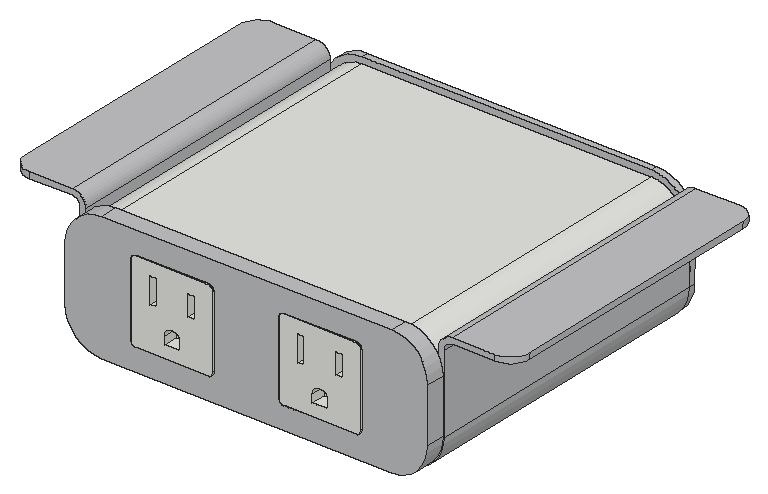
Revit family "Electrical-Teknion-YEBPA_Below_Power_Module_Standard_Plug_In-R2023", category Furniture, Revit 2023 (continued)
Definition of nested family "Power"
  Automatic sketch dimensions
    curve 5 to plane 6 "Back" = 0.000"
    plane 7 "Front" to curve 10 = 0.000"
    curve 3 to plane 5 "Right" = 0.000"
    plane 4 "Left" to curve 5 = 0.23819"
    curve 5 to curve 6 = 0.08661"
    curve 7 to plane 3 "Center Left/Right" = 0.10236"
    plane 3 "Center Left/Right" to curve 8 = 0.10236"
    curve 8 to curve 9 = 0.10433"
    curve 9 to curve 10 = 0.08661"
Definition of nested family "Teknion_2D_Node_Family-R2016"
  Reference planes (in)
    plane 1 "Center (Front/Back)": y = 0
    plane 2: z = 0
    plane 3 "Center (Left/Right)": x = 0
  Lines and regions (in)
    detail lines, in view "Ref. Level"
      curve 1: circle (0, 0, 0) r 1.25 normal (0, 0, 1)
      curve 2: line (1.91508, -1.91508, 0) -> (-1.91508, 1.91508, 0)
      curve 3: line (-1.91508, -1.91508, 0) -> (1.91508, 1.91508, 0)
Types (5): name | Receptacle Finish | Rear - Power | Rear - HDMI | RD - 1 Power/ 1 HDMI/ 1 HDMI (Rear) | RC - 2 Power/ 1 Power (Rear) | RB - 1 Power/ 1 USB - A+C (18W)/ 1 Power (Rear) | RA - 1 Power/ 1 USB - A+C (65W)/ 1 Power (Rear) | Model | Front - USB (65W) | Front - USB (18W) | Front - Power 2 | Front - Power 1 | Front - HDMI | Faceplate Finish | Description | Bracket Finish
  (no name) | Plastic - Teknion - 8D - Atrium White | yes | no | no | yes | no | no | "YEBPAURC_" | no | no | yes | yes | no | Paint - Teknion - Mica - Platinum | "Below Power Module, Standard Plug-In, Standard Undermount, 2 Power/ 1 Power (Rear) Configuration" | Paint - Teknion - Mica - Platinum
  1 Power/ 1 USB - A+C (65W)/ 1 Power (Rear) | Plastic - Teknion - YY - Ebony | yes | no | no | no | no | yes | "YEBPAURA_" | yes | no | yes | no | no | Paint - Teknion - Accent - Blue Sage | "Below Power Module, Standard Plug-In, Standard Undermount, 1 Power/ 1 USB - A+C (65W)/ 1 Power (Rear) Configuration" | Paint - Teknion - Accent - Blue Sage
  1 Power/ 1 USB - A+C (18W)/ 1 Power (Rear) | Plastic - Teknion - 8D - Atrium White | yes | no | no | no | yes | no | "YEBPAURB_" | no | yes | yes | no | no | Paint - Teknion - Mica - Anthracite | "Below Power Module, Standard Plug-In, Standard Undermount, 1 Power/ 1 USB - A+C (18W)/ 1 Power (Rear) Configuration" | Paint - Teknion - Mica - Anthracite
  2 Power/ 1 Power (Rear) | Plastic - Teknion - 8D - Atrium White | yes | no | no | yes | no | no | "YEBPAURC_" | no | no | yes | yes | no | Paint - Teknion - Mica - Platinum | "Below Power Module, Standard Plug-In, Standard Undermount, 2 Power/ 1 Power (Rear) Configuration" | Paint - Teknion - Mica - Platinum
  1 Power/ 1 HDMI/ 1 HDMI (Rear) | Plastic - Teknion - YY - Ebony | no | yes | yes | no | no | no | "YEBPAURD_" | no | no | no | yes | yes | Paint - Teknion - Foundation - Earth | "Below Power Module, Standard Plug-In, Standard Undermount, 1 Power/ 1 HDMI/ 1 HDMI (Rear) Configuration" | Paint - Teknion - Foundation - Earth
